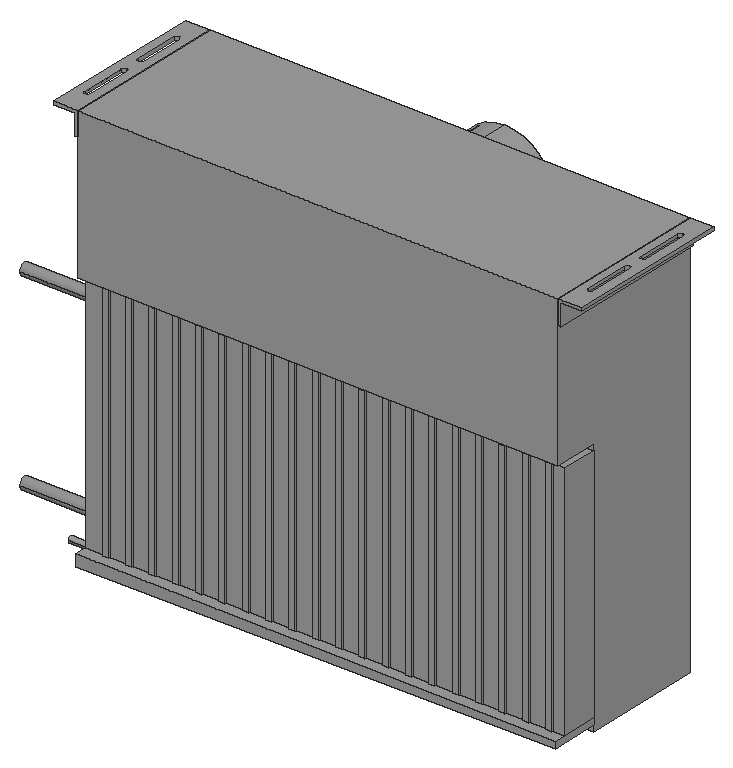
Revit family "York CB-ABV-YK - Vertical Recessed Active Chilled Beam,Generic,Revit 2015 R1.1", category Mechanical Equipment, Revit 2015
Parameters (values of type "CB-ABV-YK")
  Select a Water-Coil Connection Side = 1
  Water Connection Location Selection = 0
  Version = 2
  Velocity Pressure [instance] = 0.00 in-wg
  Total Static Pressure [instance] = 0.00 in-wg
  Total Heating Capacity [instance] = Heating Air Capacity + Heating Water Capacity  # 0.0 Btu/h
  Sensible Cooling Capacity [instance] = Cooling Air Capacity + Cooling Water Capacity  # 0.0 Btu/h
  Throw [instance] = "0"
  Supply Air Pressure Drop [instance] = 0.00 in-wg
  Select a Finish = ""
  Relative Humidity [instance] = 0.00%
  Noise Criteria (dB) [instance] = 0
  Neck Velocity [instance] = 0 FPM
  Neck Size = 0"
  Mounting Bracket = yes
  Min Flow = 0 CFM
  Max Flow = 0 CFM
  Manufacturer = "York"  # constant formula
  M - Manual Air Vent [instance] = 1 = 1  # yes
  Heating Water Leaving Temperature [instance] = 0 °F
  Heating Water Entering Temperature [instance] = 0 °F
  Heating Water Connection Diameter = 0"
  Heating Water Capacity [instance] = 0.0 Btu/h
  Heating Leaving Dry Bulb Temperature [instance] = 0 °F
  Heating Entering Dry Bulb Temperature [instance] = 0 °F
  Heating Coil Water Pressure Drop [instance] = 0.00 psi
  Heating Air Capacity [instance] = 0.0 Btu/h
  Select a Plenum Liner (External) = 1
  URL = "http://www.york.com"
  York Products [instance] = "http://www.york.com/for-your-workplace/air-systems/chilled-beams/"
  Selected Water-Coil Connection Side [instance] = if([L - Left Hand], "L - Left Hand ", if([R - Right Hand], "R - Right Hand", "Invalid Selection"))  # "L - Left Hand "
  Selected Nominal Beam Length [instance] = if([2 Ft], "2 Ft ", if([3 Ft], "3 Ft ", if([4 Ft], "4 Ft ", if([6 Ft], "6 Ft ", if([8 Ft], "8 Ft ", "Invalid Selection")))))  # "2 Ft "
  Series [instance] = "Chilled Beam"  # constant formula
  Selection's Nom. Duct Area [instance] = 0.00 SF
  Selection's Core Area [instance] = 0.00 SF
  Selected Model [instance] = if(and([2P1C - 2 Pipe Coil], [L - Left Hand]), " CB-ABV-YK - 2 - Pipe Coil, Left Hand", if(and([2P1C - 2 Pipe Coil], [R - Right Hand]), " CB-ABV-YK - 2 - Pipe Coil Right Hand", if(and([4P1C - 4 Pipe Coil], [L - Left Hand]), " CB-ABV-YK - 4 - Pipe Coil, Left Hand", if(and([4P1C - 4 Pipe Coil], [R - Right Hand]), " CB-ABV-YK - 4 - Pipe Coil, Right Hand", " Select Model"))))  # " CB-ABV-YK - 2 - Pipe Coil, Left Hand"
  Selected Finish [instance] = if([26 - White], "26 - White", if([84 - Black Paint], "84 - Black Paint", " Select Finish"))  # "26 - White"
  Selected Plenum Liner (External) [instance] = if([0 - No Insulation], "0 - No Insulation", if([L - ½ in Ecosheild (Foil Face)], "L - ½ in Ecosheild (Foil Face)", "Invalid Selection"))  # "0 - No Insulation"
  Room Tag [instance] = "Enter Tag Here"
  R - Right Hand = [Select a Water-Coil Connection Side] > 1  # no
  Product Manufacture [instance] = "York"  # constant formula
  Product Documents [instance] = "http://www.york.com/for-your-workplace/air-systems/chilled-beams/vertical-recessed-active-chilled-beam"
  Selected Air Inlet Size [instance] = if([4" Dia.], "4'' Dia.", if([5" Dia.], "5'' Dia.", if([6" Oval Inlet], "6'' Oval Inlet", if([8" Oval Inlet], "8'' Oval Inlet", "Invalid Selection"))))  # "4'' Dia."
  Description = "Vertical Recessed Active Chilled Beam"  # constant formula
  Controller Software [instance] = "http://www.york.com/Search?searchString=software#"
  Selected Air Nozzle Configuration [instance] = if(B1, "B1", if(B2, "B2", if(B3, "B3", if(B4, "B4", "Invalid Selection"))))  # "B1"
  Performance Data Sheets [instance] = "http://www.johnsoncontrols.com/~/media/jci/be/united-states/airside-systems/chilled-beams/files/publ7934-york-chilled-beam-vertical-recessed.pdf?la=en"
  Select an Air Nozzle Configuration = 1
  Select a Nominal Beam Length = 1
  Model = if(and([2P1C - 2 Pipe Coil], [L - Left Hand]), "CB-ABV-YK, 2 - Pipe Coil, Left Hand", if(and([2P1C - 2 Pipe Coil], [R - Right Hand]), "CB-ABV-YK, 2 - Pipe Coil, Right Hand", if(and([4P1C - 4 Pipe Coil], [L - Left Hand]), "CB-ABV-YK, 4 - Pipe Coil, Left Hand", if(and([4P1C - 4 Pipe Coil], [R - Right Hand]), "CB-ABV-YK, 4 - Pipe Coil, Right Hand", " Select Model"))))  # "CB-ABV-YK, 2 - Pipe Coil, Left Hand"
  L - Left Hand = or([Select a Water-Coil Connection Side] < 1, [Select a Water-Coil Connection Side] = 1)  # yes
  Design Supply Air Flow [instance] = 0 CFM
  Default Elevation = 48"
  D - Drain [instance] = no
  Cooling Water Capacity [instance] = 0.0 Btu/h
  Cooling Leaving Dry Bulb Temperature [instance] = 0 °F
  Cooling Entering Dry Bulb Temperature [instance] = 0 °F
  Cooling Coil Water Pressure Drop [instance] = 0.00 psi
  Cooling Air Capacity [instance] = 0.0 Btu/h
  Coil Accessory [instance] = ""
  Chilled Water Leaving Temperature [instance] = 0 °F
  Chilled Water Entering Temperature [instance] = 0 °F
  Chilled Water Connection Diameter = 0"
  Ambient Temperature [instance] = 0 °F
  Select an Air Inlet Size = 1
  Model Description [instance] = if(and([2P1C - 2 Pipe Coil], [L - Left Hand]), "CB-ABV-YK, 2 - Pipe Coil, Left Hand", if(and([2P1C - 2 Pipe Coil], [R - Right Hand]), "CB-ABV-YK, 2 - Pipe Coil, Right Hand", if(and([4P1C - 4 Pipe Coil], [L - Left Hand]), "CB-ABV-YK, 4 - Pipe Coil, Left Hand", if(and([4P1C - 4 Pipe Coil], [R - Right Hand]), "CB-ABV-YK, 4 - Pipe Coil, Right Hand", " Select Model"))))  # "CB-ABV-YK, 2 - Pipe Coil, Left Hand"
  Material Selected [instance] = "Casing:  G90 20GA Galvanealed sheet metal"  # constant formula
  Material = Casing:  G90 20GA Galvanealed sheet metal
  Copyright © [instance] = "©2018, York"  # constant formula
  Contact a York Rep [instance] = "http://www.york.com/Search?searchString=Rep.%20sales"
  Selected Water-Coil Type [instance] = if([2P1C - 2 Pipe Coil], "2P1C - 2 Pipe Coil ", if([4P1C - 4 Pipe Coil], "4P1C - 4 Pipe Coil", "Invalid Selection"))  # "2P1C - 2 Pipe Coil "
  Selected Pipe Connection Type [instance] = if([SWT - Sweat], "1/2 In Sweat", if([MPT - Male Pipe Thread], "1/2 In MNPT", if([H12 - SS Flex Hose - 12 inch], "[12 Inch Stainless Steel Flex Hose Connection]", if([H18 - SS Flex Hose - 18 inch], "[18 Inch Stainless Steel Flex Hose Connection]", if([H24 - SS Flex Hose - 24 inch], "[24 Inch Stainless Steel Flex Hose Connection]", "Invalid Selection")))))  # "1/2 In Sweat"
  Select a Water-Coil Type = 1
  Select a Pipe Connection Type = 1
  Clearance Visible [instance] = no
  Clearance Material = Clearance
  Clearance [instance] = 4"
  B4 = Select an Air Nozzle Configuration > 4  # no
  B3 = Select an Air Nozzle Configuration = 3  # no
  B2 = Select an Air Nozzle Configuration = 2  # no
  B1 = or(Select an Air Nozzle Configuration < 1, Select an Air Nozzle Configuration = 1)  # yes
  Air Flow Pattern [instance] = "0"
  Actual Heating Water Flow [instance] = 0 GPM
  Actual Chilled Water Flow [instance] = 0 GPM
  84 - Black Paint = no
  8 Ft = Select a Nominal Beam Length > 4  # no
  8" Oval Inlet = Select an Air Inlet Size > 3  # no
  6 Ft = Select a Nominal Beam Length = 4  # no
  6" Oval Inlet = Select an Air Inlet Size = 3  # no
  5" Dia. = Select an Air Inlet Size = 2  # no
  4P1C - 4 Pipe Coil = [Select a Water-Coil Type] > 1  # no
  4 Pipe Visible = ([4P1C - 4 Pipe Coil])  # no
  4 Ft = Select a Nominal Beam Length = 3  # no
  4" Dia. = or(Select an Air Inlet Size < 1, Select an Air Inlet Size = 1)  # yes
  3 Ft = Select a Nominal Beam Length = 2  # no
  26 - White = yes
  H24 - SS Flex Hose - 24 inch = Select a Pipe Connection Type > 4  # no
  2P1C - 2 Pipe Coil = or([Select a Water-Coil Type] < 1, [Select a Water-Coil Type] = 1)  # yes
  D = if([6" Oval Inlet], 6 1/4", if([8" Oval Inlet], 9 3/8", 5 7/8"))  # 5 7/8"
  C = if([4" Dia.], 3 7/8", if([5" Dia.], 4 7/8", if([6" Oval Inlet], 5 1/4", if([8" Oval Inlet], 5 1/4", 3 7/8"))))  # 3 7/8"
  B = if([2 Ft], 21", if([3 Ft], 33", if([4 Ft], 45", if([6 Ft], 69", if([8 Ft], 93", 21")))))  # 21"
  Angle = if([L - Left Hand], 270.00°, 90.00°)  # 270.00°
  A = if([2 Ft], 20", if([3 Ft], 32", if([4 Ft], 44", if([6 Ft], 68", if([8 Ft], 92", 20")))))  # 20"
  2 Ft = or(Select a Nominal Beam Length < 1, Select a Nominal Beam Length = 1)  # yes
  H18 - SS Flex Hose - 18 inch = Select a Pipe Connection Type = 4  # no
  H12 - SS Flex Hose - 12 inch = Select a Pipe Connection Type = 3  # no
  SWT - Sweat = or(Select a Pipe Connection Type < 1, Select a Pipe Connection Type = 1)  # yes
  MPT - Male Pipe Thread = Select a Pipe Connection Type = 2  # no
  L - ½ in Ecosheild (Foil Face) = ([Select a Plenum Liner (External)] > 1)  # no
  0 - No Insulation = or([Select a Plenum Liner (External)] < 1, [Select a Plenum Liner (External)] = 1)  # yes
  (2) Back Supply = Water Connection Location Selection > 1  # no
  (1) Front Supply = Water Connection Location Selection = 1  # no
  (0) Front and Back Supply = Water Connection Location Selection < 1  # yes
Reference planes (in)
  plane 1 "Center (Front/Back)": y = 0
  plane 2: z = 0
  plane 3 "Center (Left/Right)": x = 0
  plane 4: y = -6.875
  plane 5: y = -5
  plane 6: z = 17
  plane 7: z = 13.75
  plane 8: z = 10.75
  plane 9: x = -10
  plane 10: x = 10
  plane 11: x = -10.5
  plane 12: x = 10.5
  plane 13: x = -11
  plane 14: z = 16
  plane 15: x = 11
  plane 16: y = -1.8125
  plane 17: y = -4.125
  plane 18: y = -1.125
  plane 19: y = -3
  plane 20: y = -3.875
  plane 21: y = -5.75
Forms (in)
  Extrusion 1, solid, material "Casing:  G90 20GA Galvanealed sheet metal" <- "Material", detail levels medium+fine
    sketch origin (0, 0, 0) x (0, 1, 0) y (0, 0, 1)
      loop
        line (-6.875, 17) -> (-6.875, 10.75) -> (-5, 10.75) -> (-5, 0) -> (0, 0) -> (0, 10.25) -> (0, 17) -> (-6.875, 17)
    from -10 to 10
  Extrusion 2, solid, material "Casing:  G90 20GA Galvanealed sheet metal" <- "Material", visible <- "Mounting Bracket", detail levels medium+fine
    sketch origin (0, 0, 0) x (1, 0, 0) y (0, 0, 1)
      loop
        line (-11, 17) -> (-11, 16.875) -> (-10.125, 16.875) -> (-10.125, 16) -> (-10, 16) -> (-10, 17) -> (-11, 17)
      loop
        line (11, 17) -> (10, 17) -> (10, 16) -> (10.125, 16) -> (10.125, 16.875) -> (11, 16.875) -> (11, 17)
    from 0 to 6.875
  Extrusion 3, void
    sketch origin (0, 0, 0) x (1, 0, 0) y (0, 1, 0)
      loop
        arc (10.625, -1.125) -> (10.5, -1) -> (10.375, -1.125) r 0.125
        line (10.375, -1.125) -> (10.375, -3)
        arc (10.375, -3) -> (10.5, -3.125) -> (10.625, -3) r 0.125
        line (10.625, -3) -> (10.625, -1.125)
      loop
        line (10.625, -5.75) -> (10.625, -3.875)
        arc (10.625, -3.875) -> (10.5, -3.75) -> (10.375, -3.875) r 0.125
        line (10.375, -3.875) -> (10.375, -5.75)
        arc (10.375, -5.75) -> (10.5, -5.875) -> (10.625, -5.75) r 0.125
      loop
        line (-10.625, -1.125) -> (-10.625, -3)
        arc (-10.625, -3) -> (-10.5, -3.125) -> (-10.375, -3) r 0.125
        line (-10.375, -3) -> (-10.375, -1.125)
        arc (-10.375, -1.125) -> (-10.5, -1) -> (-10.625, -1.125) r 0.125
      loop
        arc (-10.625, -5.75) -> (-10.5, -5.875) -> (-10.375, -5.75) r 0.125
        line (-10.375, -5.75) -> (-10.375, -3.875)
        arc (-10.375, -3.875) -> (-10.5, -3.75) -> (-10.625, -3.875) r 0.125
        line (-10.625, -3.875) -> (-10.625, -5.75)
    from 16.875 to 17
  Extrusion 4, void
    sketch origin (0, 0, 0) x (1, 0, 0) y (0, 1, 0)
      loop
        line (-9.875, -0.125) -> (-9.875, -4.875) -> (9.875, -4.875) -> (9.875, -0.125) -> (-9.875, -0.125)
    from 0 to 10.75
  Extrusion 5, solid, material "Clearance" <- "Clearance Material", visible <- "Clearance Visible"
    sketch origin (0, 0, 0) x (1, 0, 0) y (0, 1, 0)
      loop
        line (-15, 4) -> (-15, -10.875) -> (15, -10.875) -> (15, 4) -> (-15, 4)
    from -4 to 21
Cuts and joins
  Extrusion 3 cuts Extrusion 2
  Extrusion 4 cuts Extrusion 1
Lines and regions (in)
  model lines, style "Model Line", detail levels coarse
    curve 1: line (-10, 0, 0) -> (10, 0, 0)
    curve 2: line (10, -6.875, 0) -> (-10, -6.875, 0)
    curve 3: line (10, 0, 0) -> (10, -6.875, 0)
    curve 4: line (-10, 0, 17) -> (10, 0, 17)
    curve 5: line (-10, -6.875, 17) -> (-10, 0, 17)
    curve 6: line (10, -6.875, 17) -> (-10, -6.875, 17)
    curve 7: line (10, 0, 17) -> (10, -6.875, 17)
    curve 8: line (10, 0, 17) -> (10, 0, 0)
    curve 9: line (-10, 0, 0) -> (-10, -6.875, 0)
    curve 10: line (-10, 0, 17) -> (-10, 0, 0)
    curve 11: line (10, -6.875, 17) -> (10, -6.875, 0)
    curve 12: line (-10, -6.875, 17) -> (-10, -6.875, 0)
    curve 13: circle (0, 0, 13.75) r 1.9375 normal (0, -1, 0)
    curve 14: circle (0, 2.875, 13.75) r 1.9375 normal (0, -1, 0)
    curve 15: line (-1.9375, 2.875, 13.75) -> (-1.9375, 0, 13.75)
    curve 16: line (1.9375, 2.875, 13.75) -> (1.9375, 0, 13.75)
    curve 17: line (0, 0, 15.6875) -> (0, 2.875, 15.6875)
    curve 18: line (0, 0, 11.8125) -> (0, 2.875, 11.8125)
Dimensions and locks (in)
  locked: plane 6 to plane 2 at 17
  locked: plane 7 to plane 2 at 13.75
  locked: plane 4 to plane 1 "Center (Front/Back)" at 6.875
  locked: plane 5 to plane 1 "Center (Front/Back)" at 5
  locked: plane 6 to plane 8 at 6.25
  equal spacing: plane 10, plane 3 "Center (Left/Right)", plane 9
  "A": plane 10 to plane 9
  equal spacing: plane 12, plane 3 "Center (Left/Right)", plane 11
  "B": plane 12 to plane 11
  locked: plane 9 to plane 13 at 1
  locked: plane 6 to plane 14 at 1
  locked: Extrusion 2 sketch curve to Extrusion 2 sketch curve at 0.125  (x4)
  equal spacing: plane 15, plane 3 "Center (Left/Right)", plane 13
  equal spacing: Extrusion 3 sketch curve, plane 12, Extrusion 3 sketch curve  (x2)
  locked: Extrusion 3 sketch curve to Extrusion 3 sketch curve at 0.25  (x4)
  equal spacing: Extrusion 3 sketch curve, plane 11, Extrusion 3 sketch curve  (x2)
  locked: Extrusion 4 sketch curve to plane 10 at 0.125
  locked: Extrusion 4 sketch curve to plane 5 at 0.125
  locked: Extrusion 4 sketch curve to plane 1 "Center (Front/Back)" at 0.125
  locked: plane 9 to Extrusion 4 sketch curve at 0.125
  locked: nested 2 to plane 5 at 0.75
  locked: nested 2 to plane 2 at 0.5
  locked: plane 1 "Center (Front/Back)" to nested 5 at 8
  locked: plane 2 to nested 6 at 8
  "Clearance": plane 1 "Center (Front/Back)" to Extrusion 5 sketch curve
  "Clearance": plane 4 to Extrusion 5 sketch curve
  "Clearance": cut or joined group of Extrusion 2, Extrusion 3 to Extrusion 5 sketch curve
  "Clearance": Extrusion 5 sketch curve to cut or joined group of Extrusion 2, Extrusion 3
  "Clearance": Extrusion 5 to plane 6
  "Clearance": plane 2 to Extrusion 5
  locked: plane 5 to nested 3 at 1
  equal spacing: curve 15, plane 3 "Center (Left/Right)", curve 16
  "C": curve 15 to curve 16
  equal spacing: curve 18, plane 7, curve 17
  "C": curve 18 to curve 17
  locked: plane 18 to plane 19 at 1.875
  locked: plane 20 to plane 21 at 1.875
  locked: plane 1 "Center (Front/Back)" to plane 18 at 1.125
  locked: plane 19 to plane 20 at 0.875
  "C": diameter of curve 13
  "C": diameter of curve 14
  "Angle": angle plane 3 "Center (Left/Right)" to nested 2
  "Angle": angle plane 3 "Center (Left/Right)" to nested 3
  aligned and locked: plane 2 to level
  aligned and locked: Extrusion 1 sketch curve to plane 6
  aligned and locked: plane 4 to Extrusion 1 sketch curve
  aligned and locked: plane 8 to Extrusion 1 sketch curve
  aligned and locked: plane 1 "Center (Front/Back)" to Extrusion 1 sketch curve  (x2)
  aligned and locked: plane 5 to Extrusion 1 sketch curve
  aligned and locked: plane 2 to Extrusion 1 sketch curve
  aligned and locked: plane 10 to Extrusion 1
  aligned and locked: Extrusion 1 to plane 9
  aligned and locked: plane 14 to Extrusion 2 sketch curve  (x2)
  aligned and locked: Extrusion 2 sketch curve to plane 6
  aligned and locked: Extrusion 2 sketch curve to plane 9
  aligned and locked: Extrusion 2 sketch curve to plane 13
  aligned and locked: Extrusion 2 sketch curve to plane 14
  aligned and locked: plane 6 to Extrusion 2 sketch curve
  aligned and locked: plane 15 to Extrusion 2 sketch curve
  aligned and locked: Extrusion 2 sketch curve to plane 10
  aligned and locked: Extrusion 2 to plane 1 "Center (Front/Back)"
  aligned and locked: Extrusion 2 to plane 4
  aligned and locked: plane 6 to Extrusion 3
  aligned and locked: Extrusion 3 to Extrusion 2
  aligned and locked: plane 3 "Center (Left/Right)" to nested 1
  aligned and locked: plane 7 to nested 1
  aligned and locked: Extrusion 4 to plane 2
  aligned and locked: plane 8 to Extrusion 4
  aligned and locked: plane 3 "Center (Left/Right)" to nested 2
  aligned and locked: plane 3 "Center (Left/Right)" to nested 3
  aligned and locked: plane 3 "Center (Left/Right)" to nested 4
  aligned and locked: nested 4 to plane 5
  aligned and locked: nested 5 to plane 3 "Center (Left/Right)"
  aligned and locked: nested 6 to plane 5
  aligned and locked: plane 4 to curve 2
  aligned and locked: curve 3 to plane 10
  aligned and locked: curve 8 to plane 10
  aligned and locked: plane 2 to curve 8
  aligned and locked: plane 6 to curve 8
  aligned and locked: curve 4 to cut or joined group of Extrusion 1, Extrusion 4
  aligned and locked: curve 6 to cut or joined group of Extrusion 1, Extrusion 4
  aligned and locked: curve 5 to plane 9
  aligned and locked: cut or joined group of Extrusion 1, Extrusion 4 to plane 9
  aligned and locked: curve 2 to curve 5
  aligned and locked: plane 2 to curve 10
  aligned and locked: plane 6 to curve 10
  aligned and locked: curve 10 to plane 9
  aligned and locked: cut or joined group of Extrusion 1, Extrusion 4 to plane 4
  aligned and locked: plane 6 to curve 12
  aligned and locked: plane 2 to curve 12
  aligned and locked: curve 12 to plane 4
  aligned and locked: plane 6 to curve 11
  aligned and locked: plane 2 to curve 11
  aligned and locked: curve 11 to plane 4
  aligned and locked: plane 7 to curve 13
  aligned and locked: plane 3 "Center (Left/Right)" to curve 13
  aligned and locked: nested 1 to curve 15
  aligned and locked: plane 3 "Center (Left/Right)" to curve 14
  aligned and locked: plane 7 to curve 14
  aligned and locked: nested 1 to curve 17
  aligned and locked: plane 1 "Center (Front/Back)" to curve 17
  aligned and locked: nested 1 to curve 18
  aligned and locked: plane 1 "Center (Front/Back)" to curve 18
  aligned and locked: plane 18 to Extrusion 3 sketch curve  (x2)
  aligned and locked: plane 19 to Extrusion 3 sketch curve  (x2)
  aligned and locked: plane 20 to Extrusion 3 sketch curve  (x2)
  aligned and locked: plane 21 to Extrusion 3 sketch curve  (x2)
Automatic sketch dimensions
  plane 1 "Center (Front/Back)" to curve 3 = 0"
  Extrusion 1 sketch curve to plane 8 = 1/2"
  curve 6 to plane 10 = 0"
  plane 1 "Center (Front/Back)" to curve 16 = 0"
  plane 1 "Center (Front/Back)" to curve 15 = 0"
  curve 16 to curve 16 = 2 7/8"
Nested families (in)
  nested 1: "Duct Connection" at (0, 0, 0) x (0, 1, 0) z (0, 0, 1), type "Duct Connection", detail levels medium+fine
    with Round Duct On yes, Oval Duct On no, Inner Distance 1 15/16", Inner Dia 1 11/16", Di 2.55435", D 5 7/8", C 3 7/8"
  nested 2: "Coil" at (-10, -5.75, 0.5) x (-1, 0, 0) z (0, 0, 1), type "Coil", detail levels medium+fine
    with Array 20, A 20"
  nested 3: "Condensate Tray" at (0, -6, 0) x (-1, 0, 0) z (0, 0, 1), type "Condensate Tray", detail levels medium+fine
  nested 4: "Model Name" at (0, -5, 0), type "Model Name"
  nested 5: "Arrow - (Show Direction)" at (0, 8, 0) x (-1, 0, 0) z (0, 0, 1), type "Arrow", detail levels coarse
    with Arrow Hatch Yes/No no
  nested 6: "Arrow - (Show Direction)" at (0, -5, -8) x (0, -1, 0) z (1, 0, 0), type "Arrow", detail levels coarse
    with Arrow Hatch Yes/No no
Connectors (in)
  hvac at (0, 2.875, 13.75), driven by "C", driven by "C", driven by "D"
    settings: on nested 1, index 1, duct flow 0 CFM, flow factor 0, pres drop 0.00 in-wg, loss coef 0, conn angle 0.00°, conn width 5 7/8", conn height 3 7/8", conn diameter 3 7/8", duct sys type 1, conn prof type 0, flow config 0, flow direction 0, loss method 0, conn ref index -1, conn util no, is conn primary yes, conn desc ""
  hvac at (0, 2.875, 13.75), driven by "C", driven by "D", driven by "C"
    settings: on nested 1, index 2, duct flow 0 CFM, flow factor 0, pres drop 0.00 in-wg, loss coef 0, conn angle 0.00°, conn width 5 7/8", conn height 3 7/8", conn diameter 3 7/8", duct sys type 1, conn prof type 2, flow config 0, flow direction 0, loss method 0, conn ref index -1, conn util no, is conn primary no, conn desc ""
  piping at (-13.125, -5.75, 9.5), diameter 0.5
    settings: on nested 2, index 3, connector inside diameter 24", connector length 0", flow factor 0, pipe flow 0 GPM, pressure drop 0.00 psi, fitting loss kfactor 0, connector angle 0.00°, fixture units 0, engagement length 0", angle of deflection 0.00°, flow configuration 0, flow direction 2, fitting loss method 0, system type 7, joint type 0, gender type 0, connector reference index -1, connector utility 0, adjustable connector no, is connector primary yes, connector description "CR"
  piping at (-13.125, -5.75, 9.5), diameter 0.5
    settings: on nested 2, index 4, connector inside diameter 24", connector length 0", flow factor 0, pipe flow 0 GPM, pressure drop 0.00 psi, fitting loss kfactor 0, connector angle 0.00°, fixture units 0, engagement length 0", angle of deflection 0.00°, flow configuration 0, flow direction 2, fitting loss method 0, system type 7, joint type 0, gender type 0, connector reference index -1, connector utility 0, adjustable connector no, is connector primary no, connector description "HR"
  piping at (-13.125, -5.75, 1.5), diameter 0.5
    settings: on nested 2, index 5, connector inside diameter 24", connector length 0", flow factor 0, pipe flow 0 GPM, pressure drop 0.00 psi, fitting loss kfactor 0, connector angle 0.00°, fixture units 0, engagement length 0", angle of deflection 0.00°, flow configuration 0, flow direction 1, fitting loss method 0, system type 7, joint type 0, gender type 0, connector reference index -1, connector utility 0, adjustable connector no, is connector primary no, connector description "HS"
  piping at (-13.125, -5.75, 1.5), diameter 0.5
    settings: on nested 2, index 6, connector inside diameter 24", connector length 0", flow factor 0, pipe flow 0 GPM, pressure drop 0.00 psi, fitting loss kfactor 0, connector angle 0.00°, fixture units 0, engagement length 0", angle of deflection 0.00°, flow configuration 0, flow direction 1, fitting loss method 0, system type 7, joint type 0, gender type 0, connector reference index -1, connector utility 0, adjustable connector no, is connector primary no, connector description "CS"
  piping at (-11, -6, 0.25), diameter 0.25
    settings: on nested 3, index 7, connector inside diameter 24", connector length 0", flow factor 0, pipe flow 0 GPM, pressure drop 0.00 psi, fitting loss kfactor 0, connector angle 0.00°, fixture units 0, engagement length 0", angle of deflection 0.00°, flow configuration 0, flow direction 2, fitting loss method 0, system type 16, joint type 0, gender type 0, connector reference index -1, connector utility 0, adjustable connector no, is connector primary no, connector description "Condensate Drain"
Definition of nested family "Duct Connection"
  Parameters (values of type "Family2")
    Round Duct On = if(C < 5", 1 = 1, 1 = 0)  # no
    Oval Duct On = if(C > 5", 1 = 1, 1 = 0)  # yes
    Material = none
    Inner Distance = C / 2  # 2 5/8"
    Inner Dia = Inner Distance - 1/4"  # 2 3/8"
    Di = D / 2.3  # 4.07609"
    Default Elevation = 48"
    D = 9 3/8"
    C = 5 1/4"
  Reference planes (in)
    plane 1 "Center (Front/Back)": y = 0
    plane 2: z = 0
    plane 3 "Center (Left/Right)": x = 0
    plane 4: z = 13.75
    plane 5: z = 11.125
    plane 6: z = 16.375
    plane 7: x = 2.875
    plane 8: z = 16.625
    plane 9: x = 0.25
    plane 10: y = 4.6875
    plane 11: y = -4.6875
  Forms (in)
    Revolve 1, solid, material <- "Material", visible <- "Round Duct On"
      sketch origin (0, 0, 0) x (1, 0, 0) y (0, 0, 1)
        loop
          line (0, 16.625) -> (0, 16.3125) -> (2.875, 16.3125) -> (2.875, 16.375) -> (0.25, 16.375) -> (0, 16.625)
        axis (0, 13.75) -> (2.875, 13.75)
      angle from 0 to 360
    Extrusion 2, solid, material <- "Material", visible <- "Oval Duct On"
      sketch origin (0, 0, 0) x (0, 1, 0) y (0, 0, 1)
        loop
          arc (-2.0625, 16.375) -> (-4.6875, 13.75) -> (-2.0625, 11.125) r 2.625
          line (-2.0625, 11.125) -> (2.0625, 11.125)
          arc (2.0625, 11.125) -> (4.6875, 13.75) -> (2.0625, 16.375) r 2.625
          line (2.0625, 16.375) -> (-2.0625, 16.375)
        loop
          arc (-2.0625, 16.125) -> (-4.4375, 13.75) -> (-2.0625, 11.375) r 2.375
          line (-2.0625, 11.375) -> (2.0625, 11.375)
          arc (2.0625, 11.375) -> (4.4375, 13.75) -> (2.0625, 16.125) r 2.375
          line (2.0625, 16.125) -> (-2.0625, 16.125)
      from 0 to 2.875
  Dimensions and locks (in)
    locked: plane 4 to plane 2 at 13.75
    equal spacing: plane 6, plane 4, plane 5
    "C": plane 6 to plane 5
    locked: plane 7 to plane 3 "Center (Left/Right)" at 2.875
    locked: plane 8 to plane 6 at 0.25
    locked: plane 9 to plane 3 "Center (Left/Right)" at 0.25
    locked: Revolve 1 sketch curve to Revolve 1 sketch curve at 0.0625
    equal spacing: plane 10, plane 1 "Center (Front/Back)", plane 11
    "D": plane 10 to plane 11
    locked: Extrusion 2 sketch curve to plane 10
    locked: plane 11 to Extrusion 2 sketch curve
    equal spacing: Extrusion 2 sketch curve, plane 4, Extrusion 2 sketch curve
    locked: Extrusion 2 sketch curve to Extrusion 2 sketch curve at 0.25
    "Inner Distance": radius of Extrusion 2 sketch curve  (x2)
    "Inner Dia": radius of Extrusion 2 sketch curve  (x2)
    aligned and locked: plane 2 to level
    aligned and locked: plane 6 to Revolve 1 sketch curve
    aligned and locked: Revolve 1 sketch curve to plane 7
    aligned and locked: plane 3 "Center (Left/Right)" to Revolve 1 sketch curve
    aligned and locked: Revolve 1 sketch curve to plane 4
    aligned and locked: plane 4 to Extrusion 2 sketch curve
    aligned and locked: Extrusion 2 to plane 3 "Center (Left/Right)"
    aligned and locked: plane 7 to Extrusion 2
  Automatic sketch dimensions
    Revolve 1 sketch curve to plane 9 = 0"
    Revolve 1 sketch curve to plane 8 = 0"
    Revolve 1 sketch curve to plane 3 "Center (Left/Right)" = 12.68573"
    plane 7 to Revolve 1 sketch curve = 23.46585"
    Extrusion 2 sketch curve to Extrusion 2 sketch curve = 0"  (x2)
Definition of nested family "Coil"
  Parameters (values of type "Coil")
    Width = 1 1/2"
    Pipe Material = none
    Material = none
    Inlet 4 Pipe = no
    Distance = if(Inlet 4 Pipe, 3", 1")  # 1"
    Dia = 1/2"  # constant formula
    Array = A / 1"  # 30
    A = 30"
  Reference planes (in)
    plane 1 "Center (Front/Back)": y = 0
    plane 2: z = 0
    plane 3 "Center (Left/Right)": x = 0
    plane 4: y = -0.75
    plane 5: y = 0.75
    plane 6: z = 10
    plane 7: x = -30
    plane 8: y = 4.875
    plane 9: z = 9
    plane 10: z = 9
    plane 11: z = 1
    plane 12: z = 1
    plane 13: x = -30
    plane 14: x = -1.75
    plane 15: x = -29.02586
    plane 16: x = -28.05172
    plane 17: x = -27.07759
    plane 18: x = -26.10345
    plane 19: x = -25.12931
    plane 20: x = -24.15517
    plane 21: x = -23.18103
    plane 22: x = -22.2069
    plane 23: x = -21.23276
    plane 24: x = -20.25862
    plane 25: x = -19.28448
    plane 26: x = -18.31034
    plane 27: x = -17.33621
    plane 28: x = -16.36207
    plane 29: x = -15.38793
    plane 30: x = -14.41379
    plane 31: x = 0
    plane 32: x = -28.5
    plane 33: x = -0.98276
    plane 34: x = -1.96552
    plane 35: x = -2.94828
    plane 36: x = -3.93103
    plane 37: x = -4.91379
    plane 38: x = -5.89655
    plane 39: x = -6.87931
    plane 40: x = -7.86207
    plane 41: x = -8.84483
    plane 42: x = -9.82759
    plane 43: x = -10.81034
    plane 44: x = -11.7931
    plane 45: x = -12.77586
    plane 46: x = -13.75862
    plane 47: x = -14.74138
    plane 48: x = -15.72414
    plane 49: x = -13.43966
    plane 50: x = -12.46552
    plane 51: x = -16.7069
    plane 52: x = -17.68966
    plane 53: x = -11.49138
    plane 54: x = -10.51724
    plane 55: x = -9.5431
    plane 56: x = -8.56897
    plane 57: x = -7.59483
    plane 58: x = -6.62069
    plane 59: x = -5.64655
    plane 60: x = -4.67241
    plane 61: x = -3.69828
    plane 62: x = -2.72414
    plane 63: x = -18.67241
    plane 64: x = -19.65517
    plane 65: x = -20.63793
    plane 66: x = -21.62069
    plane 67: x = -22.60345
    plane 68: x = -23.58621
    plane 69: x = -24.56897
    plane 70: x = -25.55172
    plane 71: x = -26.53448
    plane 72: x = -27.51724
  Forms (in)
    Extrusion 1, solid, material <- "Material"
      sketch origin (0, 0, 0) x (0, 1, 0) y (0, 0, 1)
        loop
          line (-0.75, 10) -> (-0.75, 0) -> (0.75, 0) -> (0.75, 10) -> (-0.75, 10)
      from 0 to -30
    Extrusion 2, solid, material <- "Pipe Material"
      sketch origin (0, 0, 0) x (0, 1, 0) y (0, 0, 1)
        loop
          circle (0, 9) r 0.25
      from 0 to 3.125
    Extrusion 3, solid, material <- "Pipe Material", visible <- "Inlet 4 Pipe"
      sketch origin (0, 0, -1.75) x (0, 1, 0) y (0, 0, 1)
        loop
          circle (0, 10.75) r 0.25
      from 0 to 3.125
    Extrusion 4, solid, material <- "Pipe Material", visible <- "Inlet 4 Pipe"
      sketch origin (0, 0, -6) x (0, 1, 0) y (0, 0, 1)
        loop
          circle (0, 7) r 0.25
      from 0 to 3.125
    Extrusion 5, solid, material <- "Pipe Material"
      sketch origin (0, 0, -7.75) x (0, 1, 0) y (0, 0, 1)
        loop
          circle (0, 8.75) r 0.25
      from 0 to 3.125
    Extrusion 6, solid, material <- "Material"
      sketch origin (-10, 0, 0) x (1, 0, 0) y (0, 0, 1)
        loop
          line (-19.5, 10) -> (-19.5, 0) -> (-19.25, 0) -> (-19.25, 10) -> (-19.5, 10)
      from 0.75 to 0.80078
    Extrusion 7, solid, material <- "Material"
      sketch origin (18.25, 0, 0) x (1, 0, 0) y (0, 0, 1)
        loop
          line (-19.5, 10) -> (-19.5, 0) -> (-19.25, 0) -> (-19.25, 10) -> (-19.5, 10)
      from 0.75 to 0.80078
    Extrusion 8, solid, material <- "Material"
      sketch origin (-9.02586, 0, 0) x (1, 0, 0) y (0, 0, 1)
        loop
          line (-19.5, 10) -> (-19.5, 0) -> (-19.25, 0) -> (-19.25, 10) -> (-19.5, 10)
      from 0.75 to 0.80078
    Extrusion 9, solid, material <- "Material"
      sketch origin (-8.05172, 0, 0) x (1, 0, 0) y (0, 0, 1)
        loop
          line (-19.5, 10) -> (-19.5, 0) -> (-19.25, 0) -> (-19.25, 10) -> (-19.5, 10)
      from 0.75 to 0.80078
    Extrusion 10, solid, material <- "Material"
      sketch origin (-7.07759, 0, 0) x (1, 0, 0) y (0, 0, 1)
        loop
          line (-19.5, 10) -> (-19.5, 0) -> (-19.25, 0) -> (-19.25, 10) -> (-19.5, 10)
      from 0.75 to 0.80078
    Extrusion 11, solid, material <- "Material"
      sketch origin (-6.10345, 0, 0) x (1, 0, 0) y (0, 0, 1)
        loop
          line (-19.5, 10) -> (-19.5, 0) -> (-19.25, 0) -> (-19.25, 10) -> (-19.5, 10)
      from 0.75 to 0.80078
    Extrusion 12, solid, material <- "Material"
      sketch origin (-5.12931, 0, 0) x (1, 0, 0) y (0, 0, 1)
        loop
          line (-19.5, 10) -> (-19.5, 0) -> (-19.25, 0) -> (-19.25, 10) -> (-19.5, 10)
      from 0.75 to 0.80078
    Extrusion 13, solid, material <- "Material"
      sketch origin (-4.15517, 0, 0) x (1, 0, 0) y (0, 0, 1)
        loop
          line (-19.5, 10) -> (-19.5, 0) -> (-19.25, 0) -> (-19.25, 10) -> (-19.5, 10)
      from 0.75 to 0.80078
    Extrusion 14, solid, material <- "Material"
      sketch origin (-3.18103, 0, 0) x (1, 0, 0) y (0, 0, 1)
        loop
          line (-19.5, 10) -> (-19.5, 0) -> (-19.25, 0) -> (-19.25, 10) -> (-19.5, 10)
      from 0.75 to 0.80078
    Extrusion 15, solid, material <- "Material"
      sketch origin (-2.2069, 0, 0) x (1, 0, 0) y (0, 0, 1)
        loop
          line (-19.5, 10) -> (-19.5, 0) -> (-19.25, 0) -> (-19.25, 10) -> (-19.5, 10)
      from 0.75 to 0.80078
    Extrusion 16, solid, material <- "Material"
      sketch origin (-1.23276, 0, 0) x (1, 0, 0) y (0, 0, 1)
        loop
          line (-19.5, 10) -> (-19.5, 0) -> (-19.25, 0) -> (-19.25, 10) -> (-19.5, 10)
      from 0.75 to 0.80078
    Extrusion 17, solid, material <- "Material"
      sketch origin (-0.25862, 0, 0) x (1, 0, 0) y (0, 0, 1)
        loop
          line (-19.5, 10) -> (-19.5, 0) -> (-19.25, 0) -> (-19.25, 10) -> (-19.5, 10)
      from 0.75 to 0.80078
    Extrusion 18, solid, material <- "Material"
      sketch origin (0.71552, 0, 0) x (1, 0, 0) y (0, 0, 1)
        loop
          line (-19.5, 10) -> (-19.5, 0) -> (-19.25, 0) -> (-19.25, 10) -> (-19.5, 10)
      from 0.75 to 0.80078
    Extrusion 19, solid, material <- "Material"
      sketch origin (1.68966, 0, 0) x (1, 0, 0) y (0, 0, 1)
        loop
          line (-19.5, 10) -> (-19.5, 0) -> (-19.25, 0) -> (-19.25, 10) -> (-19.5, 10)
      from 0.75 to 0.80078
    Extrusion 20, solid, material <- "Material"
      sketch origin (2.66379, 0, 0) x (1, 0, 0) y (0, 0, 1)
        loop
          line (-19.5, 10) -> (-19.5, 0) -> (-19.25, 0) -> (-19.25, 10) -> (-19.5, 10)
      from 0.75 to 0.80078
    Extrusion 21, solid, material <- "Material"
      sketch origin (3.63793, 0, 0) x (1, 0, 0) y (0, 0, 1)
        loop
          line (-19.5, 10) -> (-19.5, 0) -> (-19.25, 0) -> (-19.25, 10) -> (-19.5, 10)
      from 0.75 to 0.80078
    Extrusion 22, solid, material <- "Material"
      sketch origin (4.61207, 0, 0) x (1, 0, 0) y (0, 0, 1)
        loop
          line (-19.5, 10) -> (-19.5, 0) -> (-19.25, 0) -> (-19.25, 10) -> (-19.5, 10)
      from 0.75 to 0.80078
    Extrusion 23, solid, material <- "Material"
      sketch origin (5.58621, 0, 0) x (1, 0, 0) y (0, 0, 1)
        loop
          line (-19.5, 10) -> (-19.5, 0) -> (-19.25, 0) -> (-19.25, 10) -> (-19.5, 10)
      from 0.75 to 0.80078
    Extrusion 24, solid, material <- "Material"
      sketch origin (0, 0.75, 10) x (0, 0, -1) y (-1, 0, 0)
        loop
          line (0, 0.75) -> (10, 0.75) -> (10, 1) -> (0, 1) -> (0, 0.75)
      from 0 to 0.05078
    Extrusion 25, solid, material <- "Material"
      sketch origin (-28.5, 0.75, 10) x (0, 0, -1) y (-1, 0, 0)
        loop
          line (0, 0.75) -> (10, 0.75) -> (10, 1) -> (0, 1) -> (0, 0.75)
      from 0 to 0.05078
    Extrusion 26, solid, material <- "Material"
      sketch origin (-0.98276, 0.75, 10) x (0, 0, -1) y (-1, 0, 0)
        loop
          line (0, 0.75) -> (10, 0.75) -> (10, 1) -> (0, 1) -> (0, 0.75)
      from 0 to 0.05078
    Extrusion 27, solid, material <- "Material"
      sketch origin (-1.96552, 0.75, 10) x (0, 0, -1) y (-1, 0, 0)
        loop
          line (0, 0.75) -> (10, 0.75) -> (10, 1) -> (0, 1) -> (0, 0.75)
      from 0 to 0.05078
    Extrusion 28, solid, material <- "Material"
      sketch origin (-2.94828, 0.75, 10) x (0, 0, -1) y (-1, 0, 0)
        loop
          line (0, 0.75) -> (10, 0.75) -> (10, 1) -> (0, 1) -> (0, 0.75)
      from 0 to 0.05078
    Extrusion 29, solid, material <- "Material"
      sketch origin (-3.93103, 0.75, 10) x (0, 0, -1) y (-1, 0, 0)
        loop
          line (0, 0.75) -> (10, 0.75) -> (10, 1) -> (0, 1) -> (0, 0.75)
      from 0 to 0.05078
    Extrusion 30, solid, material <- "Material"
      sketch origin (-4.91379, 0.75, 10) x (0, 0, -1) y (-1, 0, 0)
        loop
          line (0, 0.75) -> (10, 0.75) -> (10, 1) -> (0, 1) -> (0, 0.75)
      from 0 to 0.05078
    Extrusion 31, solid, material <- "Material"
      sketch origin (-5.89655, 0.75, 10) x (0, 0, -1) y (-1, 0, 0)
        loop
          line (0, 0.75) -> (10, 0.75) -> (10, 1) -> (0, 1) -> (0, 0.75)
      from 0 to 0.05078
    Extrusion 32, solid, material <- "Material"
      sketch origin (-6.87931, 0.75, 10) x (0, 0, -1) y (-1, 0, 0)
        loop
          line (0, 0.75) -> (10, 0.75) -> (10, 1) -> (0, 1) -> (0, 0.75)
      from 0 to 0.05078
    Extrusion 33, solid, material <- "Material"
      sketch origin (-7.86207, 0.75, 10) x (0, 0, -1) y (-1, 0, 0)
        loop
          line (0, 0.75) -> (10, 0.75) -> (10, 1) -> (0, 1) -> (0, 0.75)
      from 0 to 0.05078
    Extrusion 34, solid, material <- "Material"
      sketch origin (-8.84483, 0.75, 10) x (0, 0, -1) y (-1, 0, 0)
        loop
          line (0, 0.75) -> (10, 0.75) -> (10, 1) -> (0, 1) -> (0, 0.75)
      from 0 to 0.05078
    Extrusion 35, solid, material <- "Material"
      sketch origin (-9.82759, 0.75, 10) x (0, 0, -1) y (-1, 0, 0)
        loop
          line (0, 0.75) -> (10, 0.75) -> (10, 1) -> (0, 1) -> (0, 0.75)
      from 0 to 0.05078
    Extrusion 36, solid, material <- "Material"
      sketch origin (-10.81034, 0.75, 10) x (0, 0, -1) y (-1, 0, 0)
        loop
          line (0, 0.75) -> (10, 0.75) -> (10, 1) -> (0, 1) -> (0, 0.75)
      from 0 to 0.05078
    Extrusion 37, solid, material <- "Material"
      sketch origin (-11.7931, 0.75, 10) x (0, 0, -1) y (-1, 0, 0)
        loop
          line (0, 0.75) -> (10, 0.75) -> (10, 1) -> (0, 1) -> (0, 0.75)
      from 0 to 0.05078
    Extrusion 38, solid, material <- "Material"
      sketch origin (-12.77586, 0.75, 10) x (0, 0, -1) y (-1, 0, 0)
        loop
          line (0, 0.75) -> (10, 0.75) -> (10, 1) -> (0, 1) -> (0, 0.75)
      from 0 to 0.05078
    Extrusion 39, solid, material <- "Material"
      sketch origin (-13.75862, 0.75, 10) x (0, 0, -1) y (-1, 0, 0)
        loop
          line (0, 0.75) -> (10, 0.75) -> (10, 1) -> (0, 1) -> (0, 0.75)
      from 0 to 0.05078
    Extrusion 40, solid, material <- "Material"
      sketch origin (-14.74138, 0.75, 10) x (0, 0, -1) y (-1, 0, 0)
        loop
          line (0, 0.75) -> (10, 0.75) -> (10, 1) -> (0, 1) -> (0, 0.75)
      from 0 to 0.05078
    Extrusion 41, solid, material <- "Material"
      sketch origin (-15.72414, 0.75, 10) x (0, 0, -1) y (-1, 0, 0)
        loop
          line (0, 0.75) -> (10, 0.75) -> (10, 1) -> (0, 1) -> (0, 0.75)
      from 0 to 0.05078
    Extrusion 42, solid, material <- "Material"
      sketch origin (6.56034, 0, 0) x (1, 0, 0) y (0, 0, 1)
        loop
          line (-19.5, 10) -> (-19.5, 0) -> (-19.25, 0) -> (-19.25, 10) -> (-19.5, 10)
      from 0.75 to 0.80078
    Extrusion 43, solid, material <- "Material"
      sketch origin (7.53448, 0, 0) x (1, 0, 0) y (0, 0, 1)
        loop
          line (-19.5, 10) -> (-19.5, 0) -> (-19.25, 0) -> (-19.25, 10) -> (-19.5, 10)
      from 0.75 to 0.80078
    Extrusion 44, solid, material <- "Material"
      sketch origin (-16.7069, 0.75, 10) x (0, 0, -1) y (-1, 0, 0)
        loop
          line (0, 0.75) -> (10, 0.75) -> (10, 1) -> (0, 1) -> (0, 0.75)
      from 0 to 0.05078
    Extrusion 45, solid, material <- "Material"
      sketch origin (-17.68966, 0.75, 10) x (0, 0, -1) y (-1, 0, 0)
        loop
          line (0, 0.75) -> (10, 0.75) -> (10, 1) -> (0, 1) -> (0, 0.75)
      from 0 to 0.05078
    Extrusion 46, solid, material <- "Material"
      sketch origin (8.50862, 0, 0) x (1, 0, 0) y (0, 0, 1)
        loop
          line (-19.5, 10) -> (-19.5, 0) -> (-19.25, 0) -> (-19.25, 10) -> (-19.5, 10)
      from 0.75 to 0.80078
    Extrusion 47, solid, material <- "Material"
      sketch origin (9.48276, 0, 0) x (1, 0, 0) y (0, 0, 1)
        loop
          line (-19.5, 10) -> (-19.5, 0) -> (-19.25, 0) -> (-19.25, 10) -> (-19.5, 10)
      from 0.75 to 0.80078
    Extrusion 48, solid, material <- "Material"
      sketch origin (10.4569, 0, 0) x (1, 0, 0) y (0, 0, 1)
        loop
          line (-19.5, 10) -> (-19.5, 0) -> (-19.25, 0) -> (-19.25, 10) -> (-19.5, 10)
      from 0.75 to 0.80078
    Extrusion 49, solid, material <- "Material"
      sketch origin (11.43103, 0, 0) x (1, 0, 0) y (0, 0, 1)
        loop
          line (-19.5, 10) -> (-19.5, 0) -> (-19.25, 0) -> (-19.25, 10) -> (-19.5, 10)
      from 0.75 to 0.80078
    Extrusion 50, solid, material <- "Material"
      sketch origin (12.40517, 0, 0) x (1, 0, 0) y (0, 0, 1)
        loop
          line (-19.5, 10) -> (-19.5, 0) -> (-19.25, 0) -> (-19.25, 10) -> (-19.5, 10)
      from 0.75 to 0.80078
    Extrusion 51, solid, material <- "Material"
      sketch origin (13.37931, 0, 0) x (1, 0, 0) y (0, 0, 1)
        loop
          line (-19.5, 10) -> (-19.5, 0) -> (-19.25, 0) -> (-19.25, 10) -> (-19.5, 10)
      from 0.75 to 0.80078
    Extrusion 52, solid, material <- "Material"
      sketch origin (14.35345, 0, 0) x (1, 0, 0) y (0, 0, 1)
        loop
          line (-19.5, 10) -> (-19.5, 0) -> (-19.25, 0) -> (-19.25, 10) -> (-19.5, 10)
      from 0.75 to 0.80078
    Extrusion 53, solid, material <- "Material"
      sketch origin (15.32759, 0, 0) x (1, 0, 0) y (0, 0, 1)
        loop
          line (-19.5, 10) -> (-19.5, 0) -> (-19.25, 0) -> (-19.25, 10) -> (-19.5, 10)
      from 0.75 to 0.80078
    Extrusion 54, solid, material <- "Material"
      sketch origin (16.30172, 0, 0) x (1, 0, 0) y (0, 0, 1)
        loop
          line (-19.5, 10) -> (-19.5, 0) -> (-19.25, 0) -> (-19.25, 10) -> (-19.5, 10)
      from 0.75 to 0.80078
    Extrusion 55, solid, material <- "Material"
      sketch origin (17.27586, 0, 0) x (1, 0, 0) y (0, 0, 1)
        loop
          line (-19.5, 10) -> (-19.5, 0) -> (-19.25, 0) -> (-19.25, 10) -> (-19.5, 10)
      from 0.75 to 0.80078
    Extrusion 56, solid, material <- "Material"
      sketch origin (-18.67241, 0.75, 10) x (0, 0, -1) y (-1, 0, 0)
        loop
          line (0, 0.75) -> (10, 0.75) -> (10, 1) -> (0, 1) -> (0, 0.75)
      from 0 to 0.05078
    Extrusion 57, solid, material <- "Material"
      sketch origin (-19.65517, 0.75, 10) x (0, 0, -1) y (-1, 0, 0)
        loop
          line (0, 0.75) -> (10, 0.75) -> (10, 1) -> (0, 1) -> (0, 0.75)
      from 0 to 0.05078
    Extrusion 58, solid, material <- "Material"
      sketch origin (-20.63793, 0.75, 10) x (0, 0, -1) y (-1, 0, 0)
        loop
          line (0, 0.75) -> (10, 0.75) -> (10, 1) -> (0, 1) -> (0, 0.75)
      from 0 to 0.05078
    Extrusion 59, solid, material <- "Material"
      sketch origin (-21.62069, 0.75, 10) x (0, 0, -1) y (-1, 0, 0)
        loop
          line (0, 0.75) -> (10, 0.75) -> (10, 1) -> (0, 1) -> (0, 0.75)
      from 0 to 0.05078
    Extrusion 60, solid, material <- "Material"
      sketch origin (-22.60345, 0.75, 10) x (0, 0, -1) y (-1, 0, 0)
        loop
          line (0, 0.75) -> (10, 0.75) -> (10, 1) -> (0, 1) -> (0, 0.75)
      from 0 to 0.05078
    Extrusion 61, solid, material <- "Material"
      sketch origin (-23.58621, 0.75, 10) x (0, 0, -1) y (-1, 0, 0)
        loop
          line (0, 0.75) -> (10, 0.75) -> (10, 1) -> (0, 1) -> (0, 0.75)
      from 0 to 0.05078
    Extrusion 62, solid, material <- "Material"
      sketch origin (-24.56897, 0.75, 10) x (0, 0, -1) y (-1, 0, 0)
        loop
          line (0, 0.75) -> (10, 0.75) -> (10, 1) -> (0, 1) -> (0, 0.75)
      from 0 to 0.05078
    Extrusion 63, solid, material <- "Material"
      sketch origin (-25.55172, 0.75, 10) x (0, 0, -1) y (-1, 0, 0)
        loop
          line (0, 0.75) -> (10, 0.75) -> (10, 1) -> (0, 1) -> (0, 0.75)
      from 0 to 0.05078
    Extrusion 64, solid, material <- "Material"
      sketch origin (-26.53448, 0.75, 10) x (0, 0, -1) y (-1, 0, 0)
        loop
          line (0, 0.75) -> (10, 0.75) -> (10, 1) -> (0, 1) -> (0, 0.75)
      from 0 to 0.05078
    Extrusion 65, solid, material <- "Material"
      sketch origin (-27.51724, 0.75, 10) x (0, 0, -1) y (-1, 0, 0)
        loop
          line (0, 0.75) -> (10, 0.75) -> (10, 1) -> (0, 1) -> (0, 0.75)
      from 0 to 0.05078
  Lines and regions (in)
    reference lines
      curve 1: line (-15, 0, 0) -> (-15, 9.75, 0)
      curve 2: line (-15, 0, 0) -> (-3.25, 0, 0)
  Dimensions and locks (in)
    equal spacing: plane 4, plane 1 "Center (Front/Back)", plane 5
    locked: plane 6 to plane 2 at 10
    "Width": plane 4 to plane 5
    "A": plane 3 "Center (Left/Right)" to plane 7
    locked: plane 1 "Center (Front/Back)" to plane 8 at 4.875
    locked: plane 6 to plane 9 at 1
    locked: Extrusion 2 to plane 3 "Center (Left/Right)" at 3.125
    "Distance": plane 10 to plane 6
    locked: Extrusion 3 to plane 3 "Center (Left/Right)" at 3.125
    locked: plane 2 to plane 12 at 1
    "Distance": plane 2 to plane 11
    locked: Extrusion 4 to plane 3 "Center (Left/Right)" at 3.125
    locked: Extrusion 5 to plane 3 "Center (Left/Right)" at 3.125
    equal spacing: plane 7, curve 1, plane 3 "Center (Left/Right)"
    locked: Extrusion 6 sketch curve to plane 13 at 0.5
    locked: Extrusion 6 sketch curve to Extrusion 6 sketch curve at 0.25
    locked: Extrusion 7 sketch curve to plane 14 at 0.5
    locked: Extrusion 7 sketch curve to Extrusion 7 sketch curve at 0.25
    equal spacing: group 1, group 3, group 4, group 5, group 6, group 7, group 8, group 9, group 10, group 11, group 12, group 13, group 14, group 15, group 16, group 17, group 18, group 37, group 38, group 41, group 42, group 43, group 44, group 45, group 46, group 47, group 48, group 49, group 50, group 2  (x3)
    locked: plane 3 "Center (Left/Right)" to Extrusion 7 at 1
    locked: Extrusion 7 to Extrusion 7 at 0.25
    locked: Extrusion 8 sketch curve to plane 15 at 0.5
    locked: Extrusion 8 sketch curve to Extrusion 8 sketch curve at 0.25
    locked: Extrusion 9 sketch curve to plane 16 at 0.5
    locked: Extrusion 9 sketch curve to Extrusion 9 sketch curve at 0.25
    locked: Extrusion 10 sketch curve to plane 17 at 0.5
    locked: Extrusion 10 sketch curve to Extrusion 10 sketch curve at 0.25
    locked: Extrusion 11 sketch curve to plane 18 at 0.5
    locked: Extrusion 11 sketch curve to Extrusion 11 sketch curve at 0.25
    locked: Extrusion 12 sketch curve to plane 19 at 0.5
    locked: Extrusion 12 sketch curve to Extrusion 12 sketch curve at 0.25
    locked: Extrusion 13 sketch curve to plane 20 at 0.5
    locked: Extrusion 13 sketch curve to Extrusion 13 sketch curve at 0.25
    locked: Extrusion 14 sketch curve to plane 21 at 0.5
    locked: Extrusion 14 sketch curve to Extrusion 14 sketch curve at 0.25
    locked: Extrusion 15 sketch curve to plane 22 at 0.5
    locked: Extrusion 15 sketch curve to Extrusion 15 sketch curve at 0.25
    locked: Extrusion 16 sketch curve to plane 23 at 0.5
    locked: Extrusion 16 sketch curve to Extrusion 16 sketch curve at 0.25
    locked: Extrusion 17 sketch curve to plane 24 at 0.5
    locked: Extrusion 17 sketch curve to Extrusion 17 sketch curve at 0.25
    locked: Extrusion 18 sketch curve to plane 25 at 0.5
    locked: Extrusion 18 sketch curve to Extrusion 18 sketch curve at 0.25
    locked: Extrusion 19 sketch curve to plane 26 at 0.5
    locked: Extrusion 19 sketch curve to Extrusion 19 sketch curve at 0.25
    locked: Extrusion 20 sketch curve to plane 27 at 0.5
    locked: Extrusion 20 sketch curve to Extrusion 20 sketch curve at 0.25
    locked: Extrusion 21 sketch curve to plane 28 at 0.5
    locked: Extrusion 21 sketch curve to Extrusion 21 sketch curve at 0.25
    locked: Extrusion 22 sketch curve to plane 29 at 0.5
    locked: Extrusion 22 sketch curve to Extrusion 22 sketch curve at 0.25
    locked: Extrusion 23 sketch curve to plane 30 at 0.5
    locked: Extrusion 23 sketch curve to Extrusion 23 sketch curve at 0.25
    locked: Extrusion 24 sketch curve to plane 31 at 0.75
    locked: Extrusion 24 sketch curve to Extrusion 24 sketch curve at 0.25
    locked: Extrusion 25 sketch curve to plane 32 at 0.75
    locked: Extrusion 25 sketch curve to Extrusion 25 sketch curve at 0.25
    equal spacing: group 20, group 60, group 59, group 58, group 57, group 56, group 55, group 54, group 53, group 52, group 51, group 40, group 39, group 36, group 35, group 34, group 33, group 32, group 31, group 30, group 29, group 28, group 27, group 26, group 25, group 24, group 23, group 22, group 21, group 19
    equal spacing: group 19, group 21, group 22, group 23, group 24, group 25, group 26, group 27, group 28, group 29, group 30, group 31, group 32, group 33, group 34, group 35, group 36, group 39, group 40, group 51, group 52, group 53, group 54, group 55, group 56, group 57, group 58, group 59, group 60, group 20  (x2)
    locked: Extrusion 26 sketch curve to plane 33 at 0.75
    locked: Extrusion 26 sketch curve to Extrusion 26 sketch curve at 0.25
    locked: Extrusion 27 sketch curve to plane 34 at 0.75
    locked: Extrusion 27 sketch curve to Extrusion 27 sketch curve at 0.25
    locked: Extrusion 28 sketch curve to plane 35 at 0.75
    locked: Extrusion 28 sketch curve to Extrusion 28 sketch curve at 0.25
    locked: Extrusion 29 sketch curve to plane 36 at 0.75
    locked: Extrusion 29 sketch curve to Extrusion 29 sketch curve at 0.25
    locked: Extrusion 30 sketch curve to plane 37 at 0.75
    locked: Extrusion 30 sketch curve to Extrusion 30 sketch curve at 0.25
    locked: Extrusion 31 sketch curve to plane 38 at 0.75
    locked: Extrusion 31 sketch curve to Extrusion 31 sketch curve at 0.25
    locked: Extrusion 32 sketch curve to plane 39 at 0.75
    locked: Extrusion 32 sketch curve to Extrusion 32 sketch curve at 0.25
    locked: Extrusion 33 sketch curve to plane 40 at 0.75
    locked: Extrusion 33 sketch curve to Extrusion 33 sketch curve at 0.25
    locked: Extrusion 34 sketch curve to plane 41 at 0.75
    locked: Extrusion 34 sketch curve to Extrusion 34 sketch curve at 0.25
    locked: Extrusion 35 sketch curve to plane 42 at 0.75
    locked: Extrusion 35 sketch curve to Extrusion 35 sketch curve at 0.25
    locked: Extrusion 36 sketch curve to plane 43 at 0.75
    locked: Extrusion 36 sketch curve to Extrusion 36 sketch curve at 0.25
    locked: Extrusion 37 sketch curve to plane 44 at 0.75
    locked: Extrusion 37 sketch curve to Extrusion 37 sketch curve at 0.25
    locked: Extrusion 38 sketch curve to plane 45 at 0.75
    locked: Extrusion 38 sketch curve to Extrusion 38 sketch curve at 0.25
    locked: Extrusion 39 sketch curve to plane 46 at 0.75
    locked: Extrusion 39 sketch curve to Extrusion 39 sketch curve at 0.25
    locked: Extrusion 40 sketch curve to plane 47 at 0.75
    locked: Extrusion 40 sketch curve to Extrusion 40 sketch curve at 0.25
    locked: Extrusion 41 sketch curve to plane 48 at 0.75
    locked: Extrusion 41 sketch curve to Extrusion 41 sketch curve at 0.25
    locked: plane 7 to Extrusion 25 at 0.5
    Extrusion 25 to Extrusion 25 = 1/4"
    locked: Extrusion 42 sketch curve to plane 49 at 0.5
    locked: Extrusion 42 sketch curve to Extrusion 42 sketch curve at 0.25
    locked: Extrusion 43 sketch curve to plane 50 at 0.5
    locked: Extrusion 43 sketch curve to Extrusion 43 sketch curve at 0.25
    locked: Extrusion 44 sketch curve to plane 51 at 0.75
    locked: Extrusion 44 sketch curve to Extrusion 44 sketch curve at 0.25
    locked: Extrusion 45 sketch curve to plane 52 at 0.75
    locked: Extrusion 45 sketch curve to Extrusion 45 sketch curve at 0.25
    locked: Extrusion 46 sketch curve to plane 53 at 0.5
    locked: Extrusion 46 sketch curve to Extrusion 46 sketch curve at 0.25
    locked: Extrusion 47 sketch curve to plane 54 at 0.5
    locked: Extrusion 47 sketch curve to Extrusion 47 sketch curve at 0.25
    locked: Extrusion 48 sketch curve to plane 55 at 0.5
    locked: Extrusion 48 sketch curve to Extrusion 48 sketch curve at 0.25
    locked: Extrusion 49 sketch curve to plane 56 at 0.5
    locked: Extrusion 49 sketch curve to Extrusion 49 sketch curve at 0.25
    locked: Extrusion 50 sketch curve to plane 57 at 0.5
    locked: Extrusion 50 sketch curve to Extrusion 50 sketch curve at 0.25
    locked: Extrusion 51 sketch curve to plane 58 at 0.5
    locked: Extrusion 51 sketch curve to Extrusion 51 sketch curve at 0.25
    locked: Extrusion 52 sketch curve to plane 59 at 0.5
    locked: Extrusion 52 sketch curve to Extrusion 52 sketch curve at 0.25
    locked: Extrusion 53 sketch curve to plane 60 at 0.5
    locked: Extrusion 53 sketch curve to Extrusion 53 sketch curve at 0.25
    locked: Extrusion 54 sketch curve to plane 61 at 0.5
    locked: Extrusion 54 sketch curve to Extrusion 54 sketch curve at 0.25
    locked: Extrusion 55 sketch curve to plane 62 at 0.5
    locked: Extrusion 55 sketch curve to Extrusion 55 sketch curve at 0.25
    locked: Extrusion 56 sketch curve to plane 63 at 0.75
    locked: Extrusion 56 sketch curve to Extrusion 56 sketch curve at 0.25
    locked: Extrusion 57 sketch curve to plane 64 at 0.75
    locked: Extrusion 57 sketch curve to Extrusion 57 sketch curve at 0.25
    locked: Extrusion 58 sketch curve to plane 65 at 0.75
    locked: Extrusion 58 sketch curve to Extrusion 58 sketch curve at 0.25
    locked: Extrusion 59 sketch curve to plane 66 at 0.75
    locked: Extrusion 59 sketch curve to Extrusion 59 sketch curve at 0.25
    locked: Extrusion 60 sketch curve to plane 67 at 0.75
    locked: Extrusion 60 sketch curve to Extrusion 60 sketch curve at 0.25
    locked: Extrusion 61 sketch curve to plane 68 at 0.75
    locked: Extrusion 61 sketch curve to Extrusion 61 sketch curve at 0.25
    locked: Extrusion 62 sketch curve to plane 69 at 0.75
    locked: Extrusion 62 sketch curve to Extrusion 62 sketch curve at 0.25
    locked: Extrusion 63 sketch curve to plane 70 at 0.75
    locked: Extrusion 63 sketch curve to Extrusion 63 sketch curve at 0.25
    locked: Extrusion 64 sketch curve to plane 71 at 0.75
    locked: Extrusion 64 sketch curve to Extrusion 64 sketch curve at 0.25
    locked: Extrusion 65 sketch curve to plane 72 at 0.75
    locked: Extrusion 65 sketch curve to Extrusion 65 sketch curve at 0.25
    "Dia": diameter of Extrusion 2 sketch curve
    "Dia": diameter of Extrusion 3 sketch curve
    "Dia": diameter of Extrusion 4 sketch curve
    "Dia": diameter of Extrusion 5 sketch curve
    aligned and locked: plane 2 to level
    aligned and locked: Extrusion 1 sketch curve to plane 6
    aligned and locked: plane 4 to Extrusion 1 sketch curve
    aligned and locked: plane 2 to Extrusion 1 sketch curve
    aligned and locked: Extrusion 1 sketch curve to plane 5
    aligned and locked: Extrusion 1 to plane 7
    aligned and locked: plane 1 "Center (Front/Back)" to Extrusion 2 sketch curve
    aligned and locked: plane 9 to Extrusion 2 sketch curve
    aligned and locked: Extrusion 2 to plane 3 "Center (Left/Right)"
    aligned and locked: plane 10 to Extrusion 3 sketch curve
    aligned and locked: plane 11 to Extrusion 4 sketch curve
    aligned and locked: plane 12 to Extrusion 5 sketch curve
    aligned and locked: plane 1 "Center (Front/Back)" to curve 2
    aligned and locked: plane 4 to Extrusion 6
    aligned and locked: plane 7 to plane 13
    aligned and locked: plane 6 to Extrusion 7
    aligned and locked: Extrusion 7 to plane 2
    aligned and locked: plane 4 to Extrusion 7
    aligned and locked: plane 31 to plane 3 "Center (Left/Right)"
    aligned and locked: Extrusion 24 to plane 5
    aligned and locked: Extrusion 25 to plane 5
  Automatic sketch dimensions
    curve 2 to plane 3 "Center (Left/Right)" = 3 1/4"
    plane 8 to curve 1 = 4 7/8"
    Extrusion 5 sketch curve to plane 1 "Center (Front/Back)" = 0"
    Extrusion 6 sketch curve to Extrusion 6 sketch curve = 10"
    Extrusion 7 sketch curve to Extrusion 7 sketch curve = 10"
    Extrusion 8 sketch curve to Extrusion 8 sketch curve = 10"
    Extrusion 9 sketch curve to Extrusion 9 sketch curve = 10"
    Extrusion 10 sketch curve to Extrusion 10 sketch curve = 10"
    Extrusion 11 sketch curve to Extrusion 11 sketch curve = 10"
    Extrusion 12 sketch curve to Extrusion 12 sketch curve = 10"
    Extrusion 13 sketch curve to Extrusion 13 sketch curve = 10"
    Extrusion 14 sketch curve to Extrusion 14 sketch curve = 10"
    Extrusion 15 sketch curve to Extrusion 15 sketch curve = 10"
    Extrusion 16 sketch curve to Extrusion 16 sketch curve = 10"
    Extrusion 17 sketch curve to Extrusion 17 sketch curve = 10"
    Extrusion 18 sketch curve to Extrusion 18 sketch curve = 10"
    Extrusion 19 sketch curve to Extrusion 19 sketch curve = 10"
    Extrusion 20 sketch curve to Extrusion 20 sketch curve = 10"
    Extrusion 21 sketch curve to Extrusion 21 sketch curve = 10"
    Extrusion 22 sketch curve to Extrusion 22 sketch curve = 10"
    Extrusion 23 sketch curve to Extrusion 23 sketch curve = 10"
    Extrusion 24 sketch curve to Extrusion 24 sketch curve = 10"
    Extrusion 25 sketch curve to Extrusion 25 sketch curve = 10"
    Extrusion 26 sketch curve to Extrusion 26 sketch curve = 10"
    Extrusion 27 sketch curve to Extrusion 27 sketch curve = 10"
    Extrusion 28 sketch curve to Extrusion 28 sketch curve = 10"
    Extrusion 29 sketch curve to Extrusion 29 sketch curve = 10"
    Extrusion 30 sketch curve to Extrusion 30 sketch curve = 10"
    Extrusion 31 sketch curve to Extrusion 31 sketch curve = 10"
    Extrusion 32 sketch curve to Extrusion 32 sketch curve = 10"
    Extrusion 33 sketch curve to Extrusion 33 sketch curve = 10"
    Extrusion 34 sketch curve to Extrusion 34 sketch curve = 10"
    Extrusion 35 sketch curve to Extrusion 35 sketch curve = 10"
    Extrusion 36 sketch curve to Extrusion 36 sketch curve = 10"
    Extrusion 37 sketch curve to Extrusion 37 sketch curve = 10"
    Extrusion 38 sketch curve to Extrusion 38 sketch curve = 10"
    Extrusion 39 sketch curve to Extrusion 39 sketch curve = 10"
    Extrusion 40 sketch curve to Extrusion 40 sketch curve = 10"
    Extrusion 41 sketch curve to Extrusion 41 sketch curve = 10"
    Extrusion 3 sketch curve to plane 1 "Center (Front/Back)" = 0"
    Extrusion 4 sketch curve to plane 1 "Center (Front/Back)" = 0"
    Extrusion 42 sketch curve to Extrusion 42 sketch curve = 10"
    Extrusion 43 sketch curve to Extrusion 43 sketch curve = 10"
    Extrusion 44 sketch curve to Extrusion 44 sketch curve = 10"
